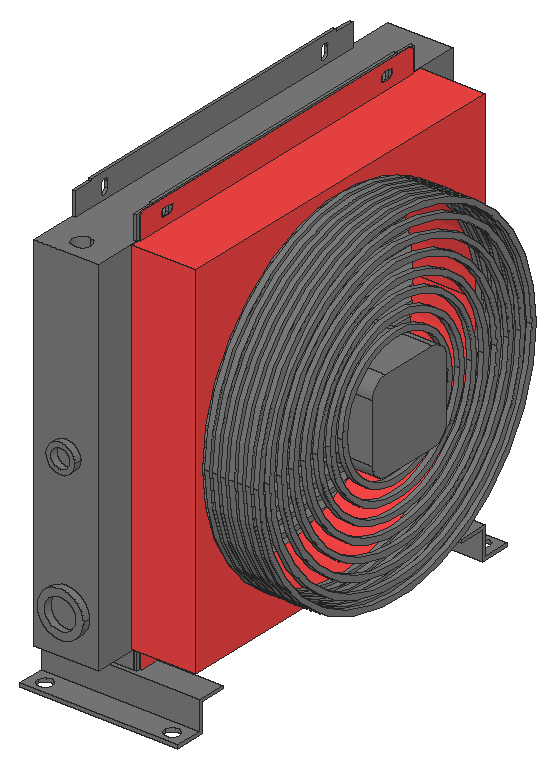
Revit family "MIT-A16Y-01", category Specialty Equipment, Revit 2022
Family settings
  Round Connector Dimension = Use Radius
  Part Type = Normal
  Work Plane-Based = No
  Always vertical = Yes
  Cut with Voids When Loaded = No
  Maintain Annotation Orientation = No
  Shared = No
  Room Calculation Point = No
Parameters
  URL = "https://en.ekinendustriyel.com/fan-driven-oil-coolers"
  Model = "MIT-A16Y-01"
  Manufacturer = "Ekin Endüstriyel"
  Keynote = "Fan Driven Oil Coolers"
  Description = "MIT- Fan Driven Oil Coolers"
  Default Elevation = 0 mm
Reference planes
  plane 1 "Center (Front/Back)": y = 0
  plane 2: z = 0
  plane 3 "Center (Left/Right)": x = 0
Forms (mm)
  Extrusion 1, solid, material "Ekin Endustriyel-S235JR", detail levels medium+fine
    sketch origin (0, -0.99, 0) x (0, 1, 0) y (0, 0, 1)
      loop
        line (218.508, 409.646) -> (-216.492, 409.646) -> (-216.492, 52.19) -> (218.508, 52.19) -> (218.508, 409.646)
      loop
        line (-176.51, 391.746) -> (-176.51, 382.346) -> (178.49, 382.346) -> (178.49, 391.746) -> (-176.51, 391.746)
      loop
        line (-176.51, 381.846) -> (-176.51, 372.446) -> (178.49, 372.446) -> (178.49, 381.846) -> (-176.51, 381.846)
      loop
        line (-176.51, 368.246) -> (-176.51, 358.846) -> (178.49, 358.846) -> (178.49, 368.246) -> (-176.51, 368.246)
      loop
        line (-176.51, 354.646) -> (-176.51, 345.246) -> (178.49, 345.246) -> (178.49, 354.646) -> (-176.51, 354.646)
      loop
        line (-176.51, 341.046) -> (-176.51, 331.646) -> (178.49, 331.646) -> (178.49, 341.046) -> (-176.51, 341.046)
      loop
        line (-176.51, 327.446) -> (-176.51, 318.046) -> (178.49, 318.046) -> (178.49, 327.446) -> (-176.51, 327.446)
      loop
        line (-176.51, 313.846) -> (-176.51, 304.446) -> (178.49, 304.446) -> (178.49, 313.846) -> (-176.51, 313.846)
      loop
        line (-176.51, 300.246) -> (-176.51, 290.846) -> (178.49, 290.846) -> (178.49, 300.246) -> (-176.51, 300.246)
      loop
        line (-176.51, 286.646) -> (-176.51, 277.246) -> (178.49, 277.246) -> (178.49, 286.646) -> (-176.51, 286.646)
      loop
        line (-176.51, 273.046) -> (-176.51, 263.646) -> (178.49, 263.646) -> (178.49, 273.046) -> (-176.51, 273.046)
      loop
        line (-176.51, 259.446) -> (-176.51, 250.046) -> (178.49, 250.046) -> (178.49, 259.446) -> (-176.51, 259.446)
      loop
        line (-176.51, 245.846) -> (-176.51, 236.446) -> (178.49, 236.446) -> (178.49, 245.846) -> (-176.51, 245.846)
      loop
        line (-176.51, 232.246) -> (-176.51, 222.846) -> (178.49, 222.846) -> (178.49, 232.246) -> (-176.51, 232.246)
      loop
        line (-176.51, 218.646) -> (-176.51, 209.246) -> (178.49, 209.246) -> (178.49, 218.646) -> (-176.51, 218.646)
      loop
        line (-176.51, 205.046) -> (-176.51, 195.646) -> (178.49, 195.646) -> (178.49, 205.046) -> (-176.51, 205.046)
      loop
        line (-176.51, 191.446) -> (-176.51, 182.046) -> (178.49, 182.046) -> (178.49, 191.446) -> (-176.51, 191.446)
      loop
        line (-176.51, 177.846) -> (-176.51, 168.446) -> (178.49, 168.446) -> (178.49, 177.846) -> (-176.51, 177.846)
      loop
        line (-176.51, 164.246) -> (-176.51, 154.846) -> (178.49, 154.846) -> (178.49, 164.246) -> (-176.51, 164.246)
      loop
        line (-176.51, 150.646) -> (-176.51, 141.246) -> (178.49, 141.246) -> (178.49, 150.646) -> (-176.51, 150.646)
      loop
        line (-176.51, 137.046) -> (-176.51, 127.646) -> (178.49, 127.646) -> (178.49, 137.046) -> (-176.51, 137.046)
      loop
        line (-176.51, 123.446) -> (-176.51, 114.046) -> (178.49, 114.046) -> (178.49, 123.446) -> (-176.51, 123.446)
      loop
        line (-176.51, 109.846) -> (-176.51, 100.446) -> (178.49, 100.446) -> (178.49, 109.846) -> (-176.51, 109.846)
      loop
        line (-176.51, 96.246) -> (-176.51, 86.846) -> (178.49, 86.846) -> (178.49, 96.246) -> (-176.51, 96.246)
      loop
        line (-176.51, 82.646) -> (-176.51, 73.246) -> (178.49, 73.246) -> (178.49, 82.646) -> (-176.51, 82.646)
      loop
        line (-176.51, 69.046) -> (-176.51, 59.646) -> (178.49, 59.646) -> (178.49, 69.046) -> (-176.51, 69.046)
    from 0 to 63.204
  Extrusion 2, solid, material "Ekin Endustriyel-S235JR", detail levels medium+fine
    sketch origin (0, 102.518, 126.539) x (1, 0, 0) y (0, 0, 1)
      loop
        circle (31.5, 243.108) r 15.425
      loop
        arc (10.562, 251.344) -> (22.387, 222.536) -> (51.669, 233.135) r 22.5
        arc (51.669, 233.135) -> (40.613, 263.68) -> (10.562, 251.344) r 22.5
    from -115 to -121.982
  Extrusion 3, solid, material "Ekin Endustriyel-S235JR", detail levels medium+fine
    sketch origin (0, -32.057, 1.562) x (1, 0, 0) y (0, 0, 1)
      loop
        circle (31.5, 92.335) r 15.375
      loop
        circle (31.5, 92.335) r 22.5
    from 185.425 to 192.451
  Extrusion 4, solid, material "Ekin Endustriyel_S235JR", detail levels medium+fine
    sketch origin (0, 0, 0) x (0, 1, 0) y (0, 0, 1)
      loop
        line (-177.5, 54.196) -> (177.5, 54.196) -> (177.5, 409.646) -> (-177.5, 409.646) -> (-177.5, 54.196)
      loop
        circle (0, 231.437) r 170
    from 63.204 to 127
  Extrusion 5, solid, material "Ekin Endustriyel_S235JR", detail levels medium+fine
    sketch origin (61.704, 0, 61.923) x (0, 1, 0) y (0, 0, 1)
      loop
        line (-167.502, 347.724) -> (167.498, 347.724) -> (167.498, 367.274)
        arc (167.498, 367.274) -> (166.033, 370.809) -> (162.498, 372.274) r 5
        line (162.498, 372.274) -> (-162.502, 372.274)
        arc (-162.502, 372.274) -> (-166.038, 370.809) -> (-167.502, 367.274) r 5
        line (-167.502, 367.274) -> (-167.502, 347.724)
      loop
        arc (-138, 364.274) -> (-142.5, 359.774) -> (-138, 355.274) r 4.5
        line (-138, 355.274) -> (-132, 355.274)
        arc (-132, 355.274) -> (-127.5, 359.774) -> (-132, 364.274) r 4.5
        line (-132, 364.274) -> (-138, 364.274)
      loop
        arc (132, 364.274) -> (127.5, 359.774) -> (132, 355.274) r 4.5
        line (132, 355.274) -> (138, 355.274)
        arc (138, 355.274) -> (142.5, 359.774) -> (138, 364.274) r 4.5
        line (138, 364.274) -> (132, 364.274)
    from 1.5 to 2.796
  Sweep 6, solid, material "Ekin Endustriyel-S235JR", detail levels fine
    path origin (0, 100.038, 0) x (0, -1, 0) y (0, 0, -1)
      loop
        line (-46.699, -27.914) -> (-72.243, -27.914) -> (-72.243, -0.156) -> (-102.222, -0.156)
    profile origin (0, 159.509, 27.914) x (0, 0, 1) y (1, 0, 0)
      loop
        line (0, -26.08) -> (2.995, -26.08) -> (2.995, 128.954) -> (0, 128.954) -> (0, -26.08)
  Extrusion 7, void
    sketch origin (0, 100.038, 0) x (1, 0, 0) y (0, 1, 0)
      loop
        circle (114.023, 89.973) r 7.5
      loop
        circle (-10.967, 89.973) r 7.5
      loop
        circle (51.5, 60.016) r 4.2
      loop
        circle (11.5, 60.016) r 4.2
    from -5.013 to 37.897
  Extrusion 8, solid, material "Ekin Endustriyel-S235JR", detail levels fine
    sketch origin (0, 139.233, 0) x (1, 0, 0) y (0, 0, 1)
      loop
        line (3, 29.185) -> (60, 29.185) -> (60, 52.19) -> (3, 52.19) -> (3, 29.185)
    from -10.767 to -30.767
  Extrusion 9, solid, material "Ekin Endustriyel-S235JR", detail levels coarse
    sketch origin (0, 0, 0) x (0, 1, 0) y (0, 0, 1)
      loop
        line (217.518, 409.646) -> (-217.482, 409.646) -> (-217.482, 52.19) -> (-170, 52.19) -> (-170, 0) -> (170, 0) -> (170, 52.19) -> (217.518, 52.19) -> (217.518, 409.646)
    from 0 to 63.204
  Extrusion 10, solid, material "Ekin Endustriyel_S235JR", detail levels coarse
    sketch origin (0, 0, 0) x (0, 1, 0) y (0, 0, 1)
      loop
        line (-177.5, 409.646) -> (-177.5, 54.196) -> (177.5, 54.196) -> (177.5, 409.646) -> (-177.5, 409.646)
    from 63.204 to 127
  Extrusion 11, void
    sketch origin (0, -337.404, 283.289) x (1, 0, 0) y (0, 1, 0)
      loop
        circle (31.5, 139.375) r 9.3
    from 77.35 to 131.357
  Extrusion 12, solid, material "Ekin Endustriyel-S235JR"
    sketch origin (0, 0, 0) x (0, 1, 0) y (0, 0, 1)
      loop
        arc (-29.451, 276.713) -> (-40.765, 272.026) -> (-45.451, 260.713) r 16
        line (-45.451, 260.713) -> (-45.451, 202.713)
        arc (-45.451, 202.713) -> (-40.765, 191.399) -> (-29.451, 186.713) r 16
        line (-29.451, 186.713) -> (28.549, 186.713)
        arc (28.549, 186.713) -> (39.863, 191.399) -> (44.549, 202.713) r 16
        line (44.549, 202.713) -> (44.549, 260.713)
        arc (44.549, 260.713) -> (39.863, 272.026) -> (28.549, 276.713) r 16
        line (28.549, 276.713) -> (-29.451, 276.713)
    from 113 to 195.209
  Extrusion 13, solid, material "Ekin Endustriyel-S235JR", detail levels fine
    sketch origin (0, 0, 59.372) x (0, 1, 0) y (0, 0, 1)
      loop
        line (170, 350.274) -> (170, 373.274) -> (150, 373.274) -> (150, 375.274) -> (-150, 375.274) -> (-150, 373.274) -> (-170, 373.274) -> (-170, 350.274) -> (170, 350.274)
      loop
        line (139.5, 358.774) -> (139.5, 364.774)
        arc (139.5, 364.774) -> (135, 369.274) -> (130.5, 364.774) r 4.5
        line (130.5, 364.774) -> (130.5, 358.774)
        arc (130.5, 358.774) -> (135, 354.274) -> (139.5, 358.774) r 4.5
      loop
        line (-130.5, 358.774) -> (-130.5, 364.774)
        arc (-130.5, 364.774) -> (-135, 369.274) -> (-139.5, 364.774) r 4.5
        line (-139.5, 364.774) -> (-139.5, 358.774)
        arc (-139.5, 358.774) -> (-135, 354.274) -> (-130.5, 358.774) r 4.5
    from 0 to 3
  Extrusion 14, solid, material "Ekin Endustriyel-S235JR", detail levels fine
    sketch origin (0, 0, 333.802) x (0, 1, 0) y (0, 0, 1)
      loop
        line (170, -281.612) -> (-170, -281.612) -> (-170, -302.893) -> (-146.694, -302.893) -> (-146.694, -305.056) -> (146.737, -305.056) -> (146.737, -302.893) -> (170, -302.893) -> (170, -281.612)
      loop
        arc (139.5, -288.556) -> (135, -284.056) -> (130.5, -288.556) r 4.5
        line (130.5, -288.556) -> (130.5, -294.556)
        arc (130.5, -294.556) -> (135, -299.056) -> (139.5, -294.556) r 4.5
        line (139.5, -294.556) -> (139.5, -288.556)
      loop
        arc (-130.5, -288.556) -> (-135, -284.056) -> (-139.5, -288.556) r 4.5
        line (-139.5, -288.556) -> (-139.5, -294.556)
        arc (-139.5, -294.556) -> (-135, -299.056) -> (-130.5, -294.556) r 4.5
        line (-130.5, -294.556) -> (-130.5, -288.556)
    from 0 to 3
  Extrusion 15, solid, material "Ekin Endustriyel-S235JR", detail levels medium+fine
    sketch origin (0, 0, 0) x (0, 1, 0) y (0, 0, 1)
      loop
        circle (0, 231.465) r 170
      loop
        circle (0, 231.465) r 165
      loop
        circle (0, 231.465) r 157
      loop
        circle (0, 231.465) r 152
      loop
        circle (0, 231.465) r 142
      loop
        circle (0, 231.465) r 137
      loop
        circle (0, 231.465) r 127
      loop
        circle (0, 231.465) r 122
      loop
        circle (0, 231.465) r 112
      loop
        circle (0, 231.465) r 107
      loop
        circle (0, 231.465) r 97
      loop
        circle (0, 231.465) r 92
      loop
        circle (0, 231.465) r 82
      loop
        circle (0, 231.465) r 77
      loop
        circle (0, 231.465) r 67
      loop
        circle (0, 231.465) r 62
    from 178.04 to 182.972
  Extrusion 16, solid, material "Ekin Endustriyel-S235JR", detail levels medium+fine
    sketch origin (-6.798, 0, 0) x (0, 1, 0) y (0, 0, 1)
      loop
        circle (0, 231.437) r 170
      loop
        circle (0, 231.465) r 165
    from 176.777 to 181.83
  Extrusion 17, solid, material "Ekin Endustriyel-S235JR", detail levels coarse
    sketch origin (0, 0, 0) x (0, 1, 0) y (0, 0, 1)
      loop
        circle (0, 231.437) r 170
    from 126.023 to 187.999
  Sweep 18, solid, material "Ekin Endustriyel-S235JR", detail levels fine
    path origin (0, -99.995, 0) x (0, 1, 0) y (0, 0, 1)
      loop
        line (-46.699, 27.914) -> (-72.243, 27.914) -> (-72.243, 0.156) -> (-102.222, 0.156)
    profile origin (0, -159.466, 27.914) x (0, 0, -1) y (1, 0, 0)
      loop
        line (0, -26.08) -> (0, 128.954) -> (-2.995, 128.954) -> (-2.995, -26.08) -> (0, -26.08)
  Extrusion 19, void
    sketch origin (0, -99.995, 0) x (1, 0, 0) y (0, 1, 0)
      loop
        circle (114.023, -89.973) r 7.5
      loop
        circle (-10.967, -89.973) r 7.5
      loop
        circle (51.5, -60.016) r 4.2
      loop
        circle (11.5, -60.016) r 4.2
    from -5.013 to 37.897
  Extrusion 20, solid, material "Ekin Endustriyel-S235JR", detail levels fine
    sketch origin (60, 0, 59.372) x (0, 1, 0) y (0, 0, 1)
      loop
        line (170, 350.274) -> (170, 373.274) -> (150, 373.274) -> (150, 375.274) -> (-150, 375.274) -> (-150, 373.274) -> (-170, 373.274) -> (-170, 350.274) -> (170, 350.274)
      loop
        line (139.5, 358.774) -> (139.5, 364.774)
        arc (139.5, 364.774) -> (135, 369.274) -> (130.5, 364.774) r 4.5
        line (130.5, 364.774) -> (130.5, 358.774)
        arc (130.5, 358.774) -> (135, 354.274) -> (139.5, 358.774) r 4.5
      loop
        line (-130.5, 358.774) -> (-130.5, 364.774)
        arc (-130.5, 364.774) -> (-135, 369.274) -> (-139.5, 364.774) r 4.5
        line (-139.5, 364.774) -> (-139.5, 358.774)
        arc (-139.5, 358.774) -> (-135, 354.274) -> (-130.5, 358.774) r 4.5
    from 0 to 3
  Extrusion 21, solid, material "Ekin Endustriyel-S235JR", detail levels fine
    sketch origin (60, 0, 333.802) x (0, 1, 0) y (0, 0, 1)
      loop
        line (170, -281.612) -> (-170, -281.612) -> (-170, -302.893) -> (-146.694, -302.893) -> (-146.694, -305.056) -> (146.737, -305.056) -> (146.737, -302.893) -> (170, -302.893) -> (170, -281.612)
      loop
        arc (139.5, -288.556) -> (135, -284.056) -> (130.5, -288.556) r 4.5
        line (130.5, -288.556) -> (130.5, -294.556)
        arc (130.5, -294.556) -> (135, -299.056) -> (139.5, -294.556) r 4.5
        line (139.5, -294.556) -> (139.5, -288.556)
      loop
        arc (-130.5, -288.556) -> (-135, -284.056) -> (-139.5, -288.556) r 4.5
        line (-139.5, -288.556) -> (-139.5, -294.556)
        arc (-139.5, -294.556) -> (-135, -299.056) -> (-130.5, -294.556) r 4.5
        line (-130.5, -294.556) -> (-130.5, -288.556)
    from 0 to 3
  Extrusion 22, solid, material "Ekin Endustriyel-S235JR", detail levels fine
    sketch origin (0, -133.751, 0) x (1, 0, 0) y (0, 0, 1)
      loop
        line (3, 29.185) -> (60, 29.185) -> (60, 52.19) -> (3, 52.19) -> (3, 29.185)
    from 36.249 to 16.249
  Extrusion 23, solid, material "Ekin Endustriyel_S235JR", detail levels medium+fine
    sketch origin (61.704, 0, 334.165) x (0, 1, 0) y (0, 0, 1)
      loop
        line (-167.502, -279.794) -> (-167.502, -299.969)
        arc (-167.502, -299.969) -> (-167.184, -301.724) -> (-166.27, -303.256) r 5
        line (-166.27, -303.256) -> (-146.694, -303.256) -> (-146.694, -304.969) -> (146.737, -304.969) -> (146.737, -303.256) -> (163.095, -303.256)
        arc (163.095, -303.256) -> (166.329, -299.661) -> (167.498, -294.969) r 10
        line (167.498, -294.969) -> (167.498, -279.794) -> (-167.502, -279.794)
      loop
        line (-138, -296.969) -> (-132, -296.969)
        arc (-132, -296.969) -> (-127.5, -292.469) -> (-132, -287.969) r 4.5
        line (-132, -287.969) -> (-138, -287.969)
        arc (-138, -287.969) -> (-142.5, -292.469) -> (-138, -296.969) r 4.5
      loop
        line (132, -296.969) -> (138, -296.969)
        arc (138, -296.969) -> (142.5, -292.469) -> (138, -287.969) r 4.5
        line (138, -287.969) -> (132, -287.969)
        arc (132, -287.969) -> (127.5, -292.469) -> (132, -296.969) r 4.5
    from 1.5 to 2.796
  Extrusion 24, solid, material "Ekin Endustriyel-S235JR", detail levels medium+fine
    sketch origin (0, -32.049, 138.612) x (1, 0, 0) y (0, 0, 1)
      loop
        circle (31.5, 92.335) r 9.5
      loop
        circle (31.5, 92.335) r 14.035
    from 185.433 to 192.451
  Extrusion 25, solid, material "Ekin Endustriyel-S235JR", detail levels medium+fine
    sketch origin (-14.859, 0, 0) x (0, 1, 0) y (0, 0, 1)
      loop
        circle (0, 231.437) r 170
      loop
        circle (0, 231.465) r 165
    from 176.777 to 181.83
  Extrusion 26, solid, material "Ekin Endustriyel-S235JR", detail levels medium+fine
    sketch origin (-22.92, 0, 0) x (0, 1, 0) y (0, 0, 1)
      loop
        circle (0, 231.437) r 170
      loop
        circle (0, 231.465) r 165
    from 176.777 to 181.83
  Extrusion 27, solid, material "Ekin Endustriyel-S235JR", detail levels medium+fine
    sketch origin (-30.981, 0, 0) x (0, 1, 0) y (0, 0, 1)
      loop
        circle (0, 231.437) r 170
      loop
        circle (0, 231.465) r 165
    from 176.777 to 181.83
  Extrusion 28, solid, material "Ekin Endustriyel-S235JR", detail levels medium+fine
    sketch origin (-39.042, 0, 0) x (0, 1, 0) y (0, 0, 1)
      loop
        circle (0, 231.437) r 170
      loop
        circle (0, 231.465) r 165
    from 176.777 to 181.83
  Extrusion 29, solid, material "Ekin Endustriyel-S235JR", detail levels medium+fine
    sketch origin (-47.104, 0, 0) x (0, 1, 0) y (0, 0, 1)
      loop
        circle (0, 231.437) r 170
      loop
        circle (0, 231.465) r 165
    from 176.777 to 181.83
Cuts and joins
  Extrusion 7, Extrusion 19 cuts Sweep 6
  Extrusion 7, Extrusion 11 cuts Extrusion 1
  Extrusion 7 cuts Extrusion 2
  Extrusion 7 cuts Extrusion 3
  Extrusion 19 cuts Sweep 18
Dimensions and locks
  aligned and locked: level to plane 2
Connectors
  piping at (31.5, 224.5, 369.646), diameter 25.4
    settings: on cut or joined group of Extrusion 2, Extrusion 7, index 5, connector inside diameter 609.6 mm, connector length 0 mm, flow factor 0, pipe flow 0.0 L/s, pressure drop 0.0 Pa, fitting loss kfactor 0, connector angle 0.00°, fixture units 0, engagement length 0 mm, angle of deflection 0.00°, flow configuration 0, flow direction 0, fitting loss method 0, system type 7, joint type 0, gender type 0, connector reference index -1, connector utility 0, adjustable connector no, is connector primary yes, connector description ""
  piping at (31.5, -224.508, 93.897), diameter 25.4
    settings: on cut or joined group of Extrusion 3, Extrusion 7, index 6, connector inside diameter 609.6 mm, connector length 0 mm, flow factor 0, pipe flow 0.0 L/s, pressure drop 0.0 Pa, fitting loss kfactor 0, connector angle 0.00°, fixture units 0, engagement length 0 mm, angle of deflection 0.00°, flow configuration 0, flow direction 0, fitting loss method 0, system type 7, joint type 0, gender type 0, connector reference index -1, connector utility 0, adjustable connector no, is connector primary no, connector description ""
  piping at (31.5, -224.5, 230.947), diameter 12.8
    settings: on Extrusion 24, index 7, connector inside diameter 609.6 mm, connector length 0 mm, flow factor 0, pipe flow 0.0 L/s, pressure drop 0.0 Pa, fitting loss kfactor 0, connector angle 0.00°, fixture units 0, engagement length 0 mm, angle of deflection 0.00°, flow configuration 0, flow direction 0, fitting loss method 0, system type 7, joint type 0, gender type 0, connector reference index -1, connector utility 0, adjustable connector no, is connector primary no, connector description ""
  piping at (31.5, -198.029, 409.646), diameter 18
    settings: on cut or joined group of Extrusion 1, Extrusion 7, Extrusion 11, index 8, connector inside diameter 609.6 mm, connector length 0 mm, flow factor 0, pipe flow 0.0 L/s, pressure drop 0.0 Pa, fitting loss kfactor 0, connector angle 0.00°, fixture units 0, engagement length 0 mm, angle of deflection 0.00°, flow configuration 0, flow direction 0, fitting loss method 0, system type 7, joint type 0, gender type 0, connector reference index -1, connector utility 0, adjustable connector no, is connector primary no, connector description ""
